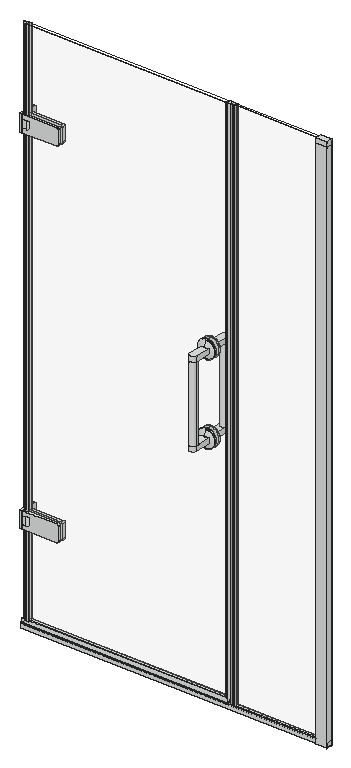
Revit family "Shower-Shower_Door-KOHLER-Components-K-27601", category Specialty Equipment, host Face, Revit 2017
Family settings
  Host = Face
  Round Connector Dimension = Use Diameter
  Part Type = Normal
  OmniClass Number = 23.31.17.17
  OmniClass Title = Shower Enclosures
  Cut with Voids When Loaded = No
  Shared = No
  Room Calculation Point = No
Parameters (values of type "SHP- Bright Polished Silver")
  Width [instance] = 40 3/8"
  WaterSense Certified = 1 = 0  # no
  URL = "https://www.us.kohler.com/us/"
  Type = 1
  Product Page URL = "http://www.us.kohler.com/us/catalog/productDetails.jsp?productId=27601-10L"
  Product Name = "Components"  # constant formula
  Product Documentation Link = "https://www.us.kohler.com/webassets/kpna/catalog/pdf/en/K-27601-10L_spec_US-CA_Kohler_en.pdf"
  Model = if(Type = 1, "K-27601-10L-SHP", if(Type = 2, "K-27601-10L-BNK", if(Type = 3, "K-27601-10L-BL", "NA")))  # "K-27601-10L-SHP"
  Material = "Anodized Aluminium"  # constant formula
  Master Format 2014 Name = "Shower Doors"  # constant formula
  Master Format 2014 = "10 28 19.16"  # constant formula
  Manufacturer Address = "444 Highland Dr, Kohler, WI 53044"  # constant formula
  Manufacturer = "KOHLER Co."  # constant formula
  Length = 6 1/8"  # constant formula
  Height = 71 9/16"  # constant formula
  Finish = Kohler-Metal-SHP-Bright_Polished_Silver
  Environmental Product Declaration = ""
  Description = "Frameless pivot shower door, 71-9/16Inch H x 39-5/8 - 40-3/8 Inch W, with 3/8 Inch thick Crystal Clear glass"  # constant formula
  Default Elevation = 0"
  Declare Label = ""
  Date Modified = "02/03/2021"  # constant formula
  Date Created = "02/03/2021"  # constant formula
  Copyright = "Copyright KOHLER Co."  # constant formula
  Contact Us = "https://www.us.kohler.com/us/static/contact.jsp"
  Assembly Code = "C1030200"
  ADA Compliant = 1 = 0  # no
Reference planes (in)
  plane 1 "Center (Front/Back)": y = 0
  plane 2: z = 0
  plane 3 "Center (Left/Right)": x = 0
  plane 4: y = 3.0625
  plane 5: y = -3.0625
  plane 6: z = 71.5625
  plane 7: z = 30.6875
  plane 8: z = 41.875
  plane 9: x = 13.15698
  plane 10: x = -0.31742
  plane 11: x = 13.15698
  plane 12: x = -27.21802
  plane 13: x = -2.73189
  plane 14: x = -26.94242
  plane 15: x = -26.23414
  plane 16: x = -22.15537
Dimensions and locks (in)
  "Height": level to plane 6
  plane 8 to plane 7 = 11 3/16"  (x2)
  plane 7 to level = 30 11/16"
  plane 8 to level = 41 7/8"
  locked: plane 10 to plane 11 at 13.4744
  "Width": plane 12 to plane 11
  plane 14 to plane 10 = 26 5/8"
  "Length": plane 4 to plane 5
  locked: plane 12 to plane 14 at 0.2756
  aligned and locked: plane 2 to host face
  aligned and locked: level to host face
  aligned and locked: plane 9 to nested 1
  aligned and locked: nested 1 to plane 12
  aligned and locked: plane 10 to nested 1
  aligned and locked: plane 14 to nested 1
Automatic sketch dimensions
  host sketch curve to host sketch curve = 96"  (x2)
Nested families (in)
  nested 1: "K-27601" at (0, 0, 0), type "K-27601"
Definition of nested family "K-27601"
  Parameters (values of type "K-27601")
    Material = none
    A = 40 3/8"
  Reference planes (in)
    plane 1 "Center (Front/Back)": y = 0
    plane 2: z = 0
    plane 3 "Center (Left/Right)": x = 0
    plane 4: y = 5.09727
    plane 5: x = -27.21802
    plane 6: z = 71.5625
    plane 7: z = 0.70775
    plane 8: y = -0.35321
    plane 9: y = 0.41651
    plane 10: z = 41.875
    plane 11: z = 30.6875
    plane 12: y = -0.39671
    plane 13: x = -26.94242
    plane 14: x = -22.15537
    plane 15: x = -26.23414
    plane 16: x = -26.27239
    plane 17: x = -22.15537
    plane 18: x = -26.23414
    plane 19: x = -26.27239
    plane 20: x = -26.77589
    plane 21: x = -26.72589
    plane 22: x = -2.73189
    plane 23: x = -0.31742
    plane 24: x = 22.78198
    plane 25: x = 0
    plane 26: x = 13.15698
    plane 27: y = 3.0625
    plane 28: y = -3.0625
  Forms (in)
    Extrusion 1, solid
      sketch origin (0, 0, 0) x (1, 0, 0) y (0, 1, 0)
        loop
          line (-26.72589, 0.19282) -> (-26.72589, -0.18603) -> (-0.14295, -0.18603) -> (-0.08266, -0.12574) -> (-0.08266, 0.13417) -> (-0.1413, 0.19282) -> (-26.72589, 0.19282)
        loop
          line (0.80612, 0.23734) -> (0.74441, 0.17564) -> (0.74441, -0.07695) -> (0.80612, -0.13866) -> (11.70233, -0.13866) -> (11.70233, 0.23734) -> (0.80612, 0.23734)
      from 0.60236 to 71.49717
    Extrusion 2, solid, material <- "Material", detail levels medium+fine
      sketch origin (0, 0, 0) x (1, 0, 0) y (0, 1, 0)
        loop
          line (-26.77589, 0.21646) -> (-26.77589, -0.25118)
          arc (-26.77589, -0.25118) -> (-26.76912, -0.26753) -> (-26.75277, -0.2743) r 0.02311
          line (-26.75277, -0.2743) -> (-26.23414, -0.2743) -> (-26.23414, -0.18603) -> (-26.27239, -0.18603) -> (-26.27239, -0.22748) -> (-26.69464, -0.22748)
          arc (-26.69464, -0.22748) -> (-26.71673, -0.21833) -> (-26.72589, -0.19623) r 0.03125
          line (-26.72589, -0.19623) -> (-26.72589, 0.19623)
          arc (-26.72589, 0.19623) -> (-26.71673, 0.21833) -> (-26.69464, 0.22748) r 0.03125
          line (-26.69464, 0.22748) -> (-26.27239, 0.22748) -> (-26.27239, 0.19282) -> (-26.23414, 0.19282) -> (-26.23414, 0.26447) -> (-27.21802, 0.26447) -> (-27.21802, 0.21646) -> (-26.77589, 0.21646)
      from 1.0794 to 71.49717
    Extrusion 3, solid, material <- "Material", detail levels medium+fine
      sketch origin (0, 0, 0) x (0, 1, 0) y (0, 0, 1)
        loop
          line (-0.5031, 60.86004) -> (-0.5031, 58.69468) -> (1.61028, 58.69468)
          arc (1.61028, 58.69468) -> (1.74839, 58.75189) -> (1.80559, 58.89) r 0.19531
          line (1.80559, 58.89) -> (1.80559, 60.66519)
          arc (1.80559, 60.66519) -> (1.74852, 60.80297) -> (1.61074, 60.86004) r 0.19485
          line (1.61074, 60.86004) -> (-0.5031, 60.86004)
      from -27.21802 to -26.94242
    Extrusion 4, solid, material <- "Material", detail levels medium+fine
      sketch origin (0, 0, 0) x (1, 0, 0) y (0, 0, 1)
        loop
          line (-22.35068, 60.84843) -> (-26.94242, 60.84843) -> (-26.94242, 60.26807) -> (-25.99909, 60.26807)
          arc (-25.99909, 60.26807) -> (-25.98408, 60.26185) -> (-25.97785, 60.24683) r 0.02124
          line (-25.97785, 60.24683) -> (-25.97785, 59.28625)
          arc (-25.97785, 59.28625) -> (-25.98433, 59.27061) -> (-25.99998, 59.26413) r 0.02212
          line (-25.99998, 59.26413) -> (-26.94242, 59.26413) -> (-26.94242, 58.68342) -> (-22.35068, 58.68342)
          arc (-22.35068, 58.68342) -> (-22.21257, 58.74063) -> (-22.15537, 58.87874) r 0.19531
          line (-22.15537, 58.87874) -> (-22.15537, 60.65312)
          arc (-22.15537, 60.65312) -> (-22.21257, 60.79122) -> (-22.35068, 60.84843) r 0.19531
      from -0.56334 to 0.46162
    Extrusion 5, solid, material <- "Material", detail levels medium+fine
      sketch origin (0, 0, 0) x (1, 0, 0) y (0, 1, 0)
        loop
          line (-26.94242, 0.32578) -> (-26.94242, -0.46162) -> (-26.37227, -0.46162)
          arc (-26.37227, -0.46162) -> (-25.97857, -0.06792) -> (-26.37227, 0.32578) r 0.3937
          line (-26.37227, 0.32578) -> (-26.94242, 0.32578)
      from 59.26413 to 60.26807
    Extrusion 6, solid, material <- "Material", detail levels medium+fine
      sketch origin (0, 0, -46.8179) x (0, 1, 0) y (0, 0, 1)
        loop
          line (-0.5031, 60.84499) -> (-0.5031, 58.67999) -> (1.61028, 58.67999)
          arc (1.61028, 58.67999) -> (1.74839, 58.73719) -> (1.80559, 58.8753) r 0.19531
          line (1.80559, 58.8753) -> (1.80559, 60.65015)
          arc (1.80559, 60.65015) -> (1.74852, 60.78792) -> (1.61074, 60.84499) r 0.19485
          line (1.61074, 60.84499) -> (-0.5031, 60.84499)
      from -27.21802 to -26.94242
    Extrusion 7, solid, material <- "Material", detail levels medium+fine
      sketch origin (0, 0, 0) x (0, 1, 0) y (0, 0, 1)
        loop
          line (0.29381, 0.60236) -> (-0.29441, 0.60236)
          arc (-0.29441, 0.60236) -> (-0.30829, 0.59661) -> (-0.31403, 0.58273) r 0.01963
          line (-0.31403, 0.58273) -> (-0.31403, 0) -> (-0.26679, 0) -> (-0.26679, 0.05855)
          arc (-0.26679, 0.05855) -> (-0.26088, 0.07283) -> (-0.2466, 0.07874) r 0.02019
          line (-0.2466, 0.07874) -> (0.24763, 0.07874)
          arc (0.24763, 0.07874) -> (0.26249, 0.07258) -> (0.26864, 0.05772) r 0.02102
          line (0.26864, 0.05772) -> (0.26864, 0) -> (0.31589, 0) -> (0.31589, 0.58029)
          arc (0.31589, 0.58029) -> (0.30942, 0.5959) -> (0.29381, 0.60236) r 0.02207
      from -27.21802 to 13.15698
    Extrusion 8, solid, material <- "Material", detail levels medium+fine
      sketch origin (0, 0, 0) x (0, 1, 0) y (0, 0, 1)
        loop
          line (0.25467, 1.05624) -> (0.2466, 1.1751)
          arc (0.2466, 1.1751) -> (0.23963, 1.18976) -> (0.22452, 1.19572) r 0.02212
          line (0.22452, 1.19572) -> (-0.20277, 1.19572)
          arc (-0.20277, 1.19572) -> (-0.21774, 1.18981) -> (-0.22465, 1.17527) r 0.02194
          line (-0.22465, 1.17527) -> (-0.25676, 0.70264) -> (-0.29012, 0.70615)
          arc (-0.29012, 0.70615) -> (-0.30687, 0.70071) -> (-0.31403, 0.68462) r 0.02165
          line (-0.31403, 0.68462) -> (-0.31403, 0.62353)
          arc (-0.31403, 0.62353) -> (-0.30783, 0.60856) -> (-0.29287, 0.60236) r 0.02117
          line (-0.29287, 0.60236) -> (0.23734, 0.60236) -> (0.23734, 1.0178) -> (0.68158, 0.86671)
          arc (0.68158, 0.86671) -> (0.70152, 0.87639) -> (0.69206, 0.89643) r 0.01576
          line (0.69206, 0.89643) -> (0.25467, 1.05624)
      from -27.21802 to 0.20989
    Extrusion 9, void
      sketch origin (0, 0, 0) x (1, 0, 0) y (0, 0, 1)
        loop
          line (-26.72589, 1.19572) -> (-26.72589, 0.32822) -> (0.35749, 0.32822) -> (0.35749, 1.19572) -> (-26.72589, 1.19572)
      from -2.40664 to 15.24149
    Extrusion 10, solid, material <- "Material", detail levels medium+fine
      sketch origin (0, 0, -46.82134) x (1, 0, 0) y (0, 0, 1)
        loop
          line (-22.35068, 60.84843) -> (-26.94242, 60.84843) -> (-26.94242, 60.26807) -> (-25.99909, 60.26807)
          arc (-25.99909, 60.26807) -> (-25.98408, 60.26185) -> (-25.97785, 60.24683) r 0.02124
          line (-25.97785, 60.24683) -> (-25.97785, 59.28625)
          arc (-25.97785, 59.28625) -> (-25.98433, 59.27061) -> (-25.99998, 59.26413) r 0.02212
          line (-25.99998, 59.26413) -> (-26.94242, 59.26413) -> (-26.94242, 58.68342) -> (-22.35068, 58.68342)
          arc (-22.35068, 58.68342) -> (-22.21257, 58.74063) -> (-22.15537, 58.87874) r 0.19531
          line (-22.15537, 58.87874) -> (-22.15537, 60.65312)
          arc (-22.15537, 60.65312) -> (-22.21257, 60.79122) -> (-22.35068, 60.84843) r 0.19531
      from -0.56334 to 0.46162
    Extrusion 11, void
      sketch origin (0, 0, 0) x (1, 0, 0) y (0, 0, 1)
        loop
          line (-27.21802, 58.69468) -> (-25.51286, 58.69468) -> (-25.51286, 60.85969) -> (-27.21802, 60.85969) -> (-27.21802, 58.69468)
        loop
          line (-27.21802, 11.86209) -> (-25.51286, 11.86209) -> (-25.51286, 14.02709) -> (-27.21802, 14.02709) -> (-27.21802, 11.86209)
      from 1 to -2
    Extrusion 12, solid, material <- "Material", detail levels medium+fine
      sketch origin (0, 0, 0) x (1, 0, 0) y (0, 1, 0)
        loop
          line (-26.94242, 0.32578) -> (-26.94242, -0.46162) -> (-26.42324, -0.46162)
          arc (-26.42324, -0.46162) -> (-26.02954, -0.06792) -> (-26.42324, 0.32578) r 0.3937
          line (-26.42324, 0.32578) -> (-26.94242, 0.32578)
      from 12.4428 to 13.44673
    Extrusion 13, void
      sketch origin (0, 0, 0) x (1, 0, 0) y (0, 1, 0)
        loop
          line (-26.72589, 0.19282) -> (-26.72589, -0.18603) -> (-22.06528, -0.18603) -> (-22.06528, 0.19282) -> (-26.72589, 0.19282)
      from 5.2978 to 78.02694
    Extrusion 14, solid, material <- "Material", detail levels coarse
      sketch origin (0, 0, 0) x (1, 0, 0) y (0, 0, 1)
        loop
          line (-27.21802, 60.86004) -> (-27.21802, 58.69468) -> (-22.15537, 58.69468) -> (-22.15537, 60.86004) -> (-27.21802, 60.86004)
        loop
          line (-27.21802, 14.02709) -> (-27.21802, 11.86209) -> (-22.15537, 11.86209) -> (-22.15537, 14.02709) -> (-27.21802, 14.02709)
      from -1.28247 to 0.46162
    Extrusion 15, solid, material <- "Material", detail levels coarse
      sketch origin (0, 0, 0) x (1, 0, 0) y (0, 0, 1)
        loop
          line (-27.21802, 1.0024) -> (-27.21802, 0) -> (13.15698, 0) -> (13.15698, 1.0024) -> (-27.21802, 1.0024)
      from -0.46253 to 0.39671
    Extrusion 16, solid, material <- "Material", detail levels medium+fine
      sketch origin (-0.57921, 0, 0) x (1, 0, 0) y (0, 1, 0)
        loop
          line (1.01843, -0.11955) -> (0.68498, 0.2139)
          arc (0.68498, 0.2139) -> (0.61306, 0.25903) -> (0.52868, 0.26837) r 0.19025
          line (0.52868, 0.26837) -> (0.31485, 0.24374)
          arc (0.31485, 0.24374) -> (0.28024, 0.2278) -> (0.26179, 0.19447) r 0.06114
          line (0.26179, 0.19447) -> (0.34398, 0.19447)
          arc (0.34398, 0.19447) -> (0.3627, 0.20652) -> (0.38423, 0.21217) r 0.07088
          arc (0.38423, 0.21217) -> (0.42745, 0.21598) -> (0.47075, 0.21882) r 1.93907
          arc (0.47075, 0.21882) -> (0.48891, 0.21215) -> (0.49656, 0.19438) r 0.02447
          line (0.49656, 0.19438) -> (0.49656, -0.17201)
          arc (0.49656, -0.17201) -> (0.48965, -0.18866) -> (0.473, -0.19555) r 0.02354
          arc (0.473, -0.19555) -> (0.40583, -0.19314) -> (0.339, -0.18603) r 0.95941
          line (0.339, -0.18603) -> (0.26224, -0.18603)
          arc (0.26224, -0.18603) -> (0.28019, -0.2097) -> (0.30764, -0.22105) r 0.0567
          arc (0.30764, -0.22105) -> (0.43698, -0.23575) -> (0.56668, -0.24691) r 4.75588
          arc (0.56668, -0.24691) -> (0.777, -0.24877) -> (0.98586, -0.22404) r 1.66165
          arc (0.98586, -0.22404) -> (1.03373, -0.18164) -> (1.01843, -0.11955) r 0.06181
        loop
          line (0.80484, 0.1381) -> (1.14519, -0.20226)
          arc (1.14519, -0.20226) -> (1.19638, -0.23545) -> (1.25667, -0.24486) r 0.14621
          arc (1.25667, -0.24486) -> (1.38191, -0.23596) -> (1.50682, -0.22319) r 4.04578
          arc (1.50682, -0.22319) -> (1.55228, -0.1931) -> (1.55508, -0.13866) r 0.06051
          line (1.55508, -0.13866) -> (1.4762, -0.13866) -> (1.4762, -0.1737)
          arc (1.4762, -0.1737) -> (1.41113, -0.18268) -> (1.34544, -0.18238) r 0.46473
          arc (1.34544, -0.18238) -> (1.32971, -0.1748) -> (1.32333, -0.15855) r 0.0239
          line (1.32333, -0.15855) -> (1.32333, 0.19465)
          arc (1.32333, 0.19465) -> (1.33583, 0.22484) -> (1.36602, 0.23734) r 0.04269
          line (1.36602, 0.23734) -> (1.54932, 0.23734)
          arc (1.54932, 0.23734) -> (1.4362, 0.25438) -> (1.322, 0.26124) r 1.27776
          arc (1.322, 0.26124) -> (1.0819, 0.2583) -> (0.84232, 0.24223) r 4.38502
          arc (0.84232, 0.24223) -> (0.79054, 0.20205) -> (0.80484, 0.1381) r 0.06116
      from 0.55906 to 71.49717
    Extrusion 17, solid, material <- "Material", detail levels coarse
      sketch origin (-4.01179, 0, 0) x (1, 0, 0) y (0, 1, 0)
        loop
          line (5.05229, 0.27406) -> (3.69437, 0.27406) -> (3.69437, 0.19447) -> (3.86913, 0.19447) -> (3.92913, 0.13447) -> (3.92913, -0.12603) -> (3.86913, -0.18603) -> (3.69437, -0.18603) -> (3.69437, -0.25676) -> (5.05229, -0.25676) -> (5.05229, -0.13866) -> (4.81791, -0.13866) -> (4.75591, -0.07666) -> (4.75591, 0.17534) -> (4.81791, 0.23734) -> (5.05229, 0.23734) -> (5.05229, 0.27406)
        loop
          line (17.16877, -0.39671) -> (17.16877, 0.46253) -> (15.71436, 0.46253) -> (15.71436, -0.39671) -> (17.16877, -0.39671)
        loop
          line (-23.20623, 0.30738) -> (-23.20623, -0.31655) -> (-22.22235, -0.31655) -> (-22.22235, -0.18603) -> (-22.7141, -0.18603) -> (-22.7141, 0.19282) -> (-22.22235, 0.19282) -> (-22.22235, 0.30738) -> (-23.20623, 0.30738)
      from 0 to 71.49717
    Extrusion 18, solid, material <- "Material", detail levels medium+fine
      sketch origin (-19.40545, 0, 0) x (1, 0, 0) y (0, 1, 0)
        loop
          line (31.13121, -0.39671) -> (32.53899, -0.39671)
          arc (32.53899, -0.39671) -> (32.55556, -0.38985) -> (32.56243, -0.37327) r 0.02344
          line (32.56243, -0.37327) -> (32.56243, 0.39307)
          arc (32.56243, 0.39307) -> (32.55556, 0.40964) -> (32.53899, 0.41651) r 0.02344
          line (32.53899, 0.41651) -> (31.13221, 0.41651)
          arc (31.13221, 0.41651) -> (31.11493, 0.40935) -> (31.10778, 0.39207) r 0.02444
          line (31.10778, 0.39207) -> (31.10778, -0.13866) -> (30.9775, -0.13866) -> (31.05671, -0.23873)
          arc (31.05671, -0.23873) -> (31.0805, -0.25299) -> (31.10778, -0.24799) r 0.03927
          line (31.10778, -0.24799) -> (31.10778, -0.37327)
          arc (31.10778, -0.37327) -> (31.11464, -0.38985) -> (31.13121, -0.39671) r 0.02344
      from 0 to 70.9789
    Extrusion 19, solid, material <- "Material", detail levels medium+fine
      sketch origin (-19.40545, 0, 0) x (1, 0, 0) y (0, 1, 0)
        loop
          line (32.53899, 0.41651) -> (31.13221, 0.41651)
          arc (31.13221, 0.41651) -> (31.11493, 0.40935) -> (31.10778, 0.39207) r 0.02444
          line (31.10778, 0.39207) -> (31.10778, -0.37327)
          arc (31.10778, -0.37327) -> (31.11464, -0.38985) -> (31.13121, -0.39671) r 0.02344
          line (31.13121, -0.39671) -> (32.53899, -0.39671)
          arc (32.53899, -0.39671) -> (32.55556, -0.38985) -> (32.56243, -0.37327) r 0.02344
          line (32.56243, -0.37327) -> (32.56243, 0.39307)
          arc (32.56243, 0.39307) -> (32.55556, 0.40964) -> (32.53899, 0.41651) r 0.02344
      from 70.9789 to 71.57874
    Extrusion 20, solid, material <- "Material"
      sketch origin (-7.03101, 0, 0) x (1, 0, 0) y (0, 1, 0)
        loop
          line (3.83061, -0.30083) -> (3.83061, -2.59488)
          arc (3.83061, -2.59488) -> (4.29912, -3.06338) -> (4.76762, -2.59488) r 0.4685
          line (4.76762, -2.59488) -> (4.76762, -0.30083) -> (3.83061, -0.30083)
      from 41.23395 to 41.875
    Extrusion 21, solid, material <- "Material"
      sketch origin (-7.03101, 0, 0) x (1, 0, 0) y (0, 1, 0)
        loop
          circle (4.29912, -2.59488) r 0.4685
      from 31.32855 to 41.23395
    Extrusion 22, solid, material <- "Material"
      sketch origin (-7.03101, 0, -10.54645) x (1, 0, 0) y (0, 1, 0)
        loop
          line (3.83061, -0.31874) -> (3.83061, -2.59488)
          arc (3.83061, -2.59488) -> (4.29912, -3.06338) -> (4.76762, -2.59488) r 0.4685
          line (4.76762, -2.59488) -> (4.76762, -0.31874) -> (3.83061, -0.31874)
      from 41.23395 to 41.875
    Revolve 23, solid, material <- "Material"
      sketch origin (-2.73189, -2.0625, 47.65181) x (0, -1, 0) y (0, 0, 1)
        loop
          line (-1.40048, -6.09749) -> (-1.83817, -6.09749) -> (-1.83817, -7.27859) -> (-1.67926, -7.27859)
          arc (-1.67926, -7.27859) -> (-1.661, -7.27228) -> (-1.65054, -7.25605) r 0.02956
          line (-1.65054, -7.25605) -> (-1.43676, -6.38162)
          arc (-1.43676, -6.38162) -> (-1.4106, -6.24058) -> (-1.40048, -6.09749) r 1.27232
        axis (-1.83817, -6.09749) -> (-1.40048, -6.09749)
      angle from 0 to 360
    Revolve 24, solid, material <- "Material"
      sketch origin (-2.73189, -2.0625, 37.10536) x (0, -1, 0) y (0, 0, 1)
        loop
          line (-1.40048, -6.09749) -> (-1.83817, -6.09749) -> (-1.83817, -7.27859) -> (-1.67926, -7.27859)
          arc (-1.67926, -7.27859) -> (-1.661, -7.27228) -> (-1.65054, -7.25605) r 0.02956
          line (-1.65054, -7.25605) -> (-1.43676, -6.38162)
          arc (-1.43676, -6.38162) -> (-1.4106, -6.24058) -> (-1.40048, -6.09749) r 1.27232
        axis (-1.83817, -6.09749) -> (-1.40048, -6.09749)
      angle from 0 to 360
    Extrusion 25, solid, material <- "Material"
      sketch origin (-7.03101, 0, 0) x (1, 0, 0) y (0, 1, 0)
        loop
          line (3.83061, 0.30083) -> (4.76762, 0.30083) -> (4.76762, 2.59488)
          arc (4.76762, 2.59488) -> (4.29912, 3.06338) -> (3.83061, 2.59488) r 0.4685
          line (3.83061, 2.59488) -> (3.83061, 0.30083)
      from 41.23395 to 41.875
    Extrusion 26, solid, material <- "Material"
      sketch origin (-7.03101, 0, 0) x (1, 0, 0) y (0, 1, 0)
        loop
          circle (4.29912, 2.59488) r 0.4685
      from 31.32855 to 41.23395
    Extrusion 27, solid, material <- "Material"
      sketch origin (-7.03101, 0, -10.54645) x (1, 0, 0) y (0, 1, 0)
        loop
          line (3.83061, 0.31874) -> (4.76762, 0.31874) -> (4.76762, 2.59488)
          arc (4.76762, 2.59488) -> (4.29912, 3.06338) -> (3.83061, 2.59488) r 0.4685
          line (3.83061, 2.59488) -> (3.83061, 0.31874)
      from 41.23395 to 41.875
    Revolve 28, solid, material <- "Material"
      sketch origin (-2.73189, 2.0625, 47.65181) x (0, 1, 0) y (0, 0, -1)
        loop
          arc (-1.40048, 6.09749) -> (-1.4106, 6.24058) -> (-1.43676, 6.38162) r 1.27232
          line (-1.43676, 6.38162) -> (-1.65054, 7.25605)
          arc (-1.65054, 7.25605) -> (-1.661, 7.27228) -> (-1.67926, 7.27859) r 0.02956
          line (-1.67926, 7.27859) -> (-1.83817, 7.27859) -> (-1.83817, 6.09749) -> (-1.40048, 6.09749)
        axis (-1.83817, 6.09749) -> (-1.40048, 6.09749)
      angle from 0 to 360
    Revolve 29, solid, material <- "Material"
      sketch origin (-2.73189, 2.0625, 37.10536) x (0, 1, 0) y (0, 0, -1)
        loop
          arc (-1.40048, 6.09749) -> (-1.4106, 6.24058) -> (-1.43676, 6.38162) r 1.27232
          line (-1.43676, 6.38162) -> (-1.65054, 7.25605)
          arc (-1.65054, 7.25605) -> (-1.661, 7.27228) -> (-1.67926, 7.27859) r 0.02956
          line (-1.67926, 7.27859) -> (-1.83817, 7.27859) -> (-1.83817, 6.09749) -> (-1.40048, 6.09749)
        axis (-1.83817, 6.09749) -> (-1.40048, 6.09749)
      angle from 0 to 360
  Cuts and joins
    Extrusion 9 cuts Extrusion 1
    Extrusion 13 cuts Extrusion 4
    joined: Extrusion 3, Extrusion 4, Extrusion 6, Extrusion 8
    Extrusion 11 cuts Extrusion 2
    joined: Extrusion 2, Extrusion 5, Extrusion 7
    Extrusion 13 cuts Extrusion 14
    joined: Extrusion 14, Extrusion 15
    Extrusion 13 cuts Extrusion 10
    Extrusion 13 cuts Extrusion 12
  Lines and regions (in)
    Masking region 1
      outline origin (0, 0, 0) x (1, 0, 0) y (0, 1, 0)
        loop
          line (-27.21802, 1.80559) -> (-27.21802, -0.5031) -> (-26.94242, -0.5031) -> (-26.94242, -0.46162) -> (-22.15537, -0.46162) -> (-22.15537, -0.31403) -> (-3.91404, -0.31403) -> (-3.91404, -0.38184)
          arc (-3.91404, -0.38184) -> (-3.90647, -0.40382) -> (-3.88697, -0.41648) r 0.0357
          line (-3.88697, -0.41648) -> (-3.2004, -0.58766) -> (-3.2004, -2.59488)
          arc (-3.2004, -2.59488) -> (-2.73189, -3.06338) -> (-2.26339, -2.59488) r 0.4685
          line (-2.26339, -2.59488) -> (-2.26339, -0.58766) -> (-1.57682, -0.41648)
          arc (-1.57682, -0.41648) -> (-1.55732, -0.40382) -> (-1.54975, -0.38184) r 0.0357
          line (-1.54975, -0.38184) -> (-1.54975, -0.31403) -> (11.70233, -0.31403) -> (11.70233, -0.37165)
          arc (11.70233, -0.37165) -> (11.70967, -0.38937) -> (11.72739, -0.39671) r 0.02506
          line (11.72739, -0.39671) -> (13.13354, -0.39671)
          arc (13.13354, -0.39671) -> (13.15012, -0.38985) -> (13.15698, -0.37327) r 0.02344
          line (13.15698, -0.37327) -> (13.15698, 0.39307)
          arc (13.15698, 0.39307) -> (13.15012, 0.40964) -> (13.13354, 0.41651) r 0.02344
          line (13.13354, 0.41651) -> (11.72705, 0.41651)
          arc (11.72705, 0.41651) -> (11.70957, 0.40927) -> (11.70233, 0.39179) r 0.02472
          line (11.70233, 0.39179) -> (11.70233, 0.31589) -> (0.20989, 0.31589) -> (0.20989, 0.70242) -> (-2.26339, 0.70242) -> (-2.26339, 2.59488)
          arc (-2.26339, 2.59488) -> (-2.73189, 3.06338) -> (-3.2004, 2.59488) r 0.4685
          line (-3.2004, 2.59488) -> (-3.2004, 0.70242) -> (-26.94242, 0.70242) -> (-26.94242, 1.80559) -> (-27.21802, 1.80559)
    Masking region 2
      outline origin (0, 0, 0) x (1, 0, 0) y (0, 0, 1)
        loop
          line (13.13328, 71.5625) -> (11.70233, 71.5625) -> (11.70233, 71.50843) -> (-27.21802, 71.50843) -> (-27.21802, 0) -> (13.15698, 0) -> (13.15698, 71.5388)
          arc (13.15698, 71.5388) -> (13.15004, 71.55556) -> (13.13328, 71.5625) r 0.0237
    Masking region 3
      outline origin (0, 0, 0) x (0, 1, 0) y (0, 0, 1)
        loop
          line (0.67092, 41.875) -> (0.67092, 58.69125) -> (1.61028, 58.69125)
          arc (1.61028, 58.69125) -> (1.74839, 58.74845) -> (1.80559, 58.88656) r 0.19531
          line (1.80559, 58.88656) -> (1.80559, 60.66519)
          arc (1.80559, 60.66519) -> (1.74852, 60.80297) -> (1.61074, 60.86004) r 0.19485
          line (1.61074, 60.86004) -> (0.67092, 60.86004) -> (0.67092, 71.5625) -> (-0.39671, 71.5625) -> (-0.39671, 60.86004) -> (-0.5031, 60.86004) -> (-0.5031, 58.69125) -> (-0.46162, 58.69468) -> (-0.39671, 58.69468) -> (-0.39671, 42.76095) -> (-0.6176, 41.875) -> (-3.03125, 41.875)
          arc (-3.03125, 41.875) -> (-3.05335, 41.86585) -> (-3.0625, 41.84375) r 0.03125
          line (-3.0625, 41.84375) -> (-3.0625, 30.71875)
          arc (-3.0625, 30.71875) -> (-3.05335, 30.69665) -> (-3.03125, 30.6875) r 0.03125
          line (-3.03125, 30.6875) -> (-0.6176, 30.6875) -> (-0.39671, 29.80155) -> (-0.39671, 14.03053) -> (-0.46162, 14.03053) -> (-0.5031, 14.03053) -> (-0.5031, 11.86209) -> (-0.46162, 11.86552) -> (-0.39671, 11.86552) -> (-0.39671, 0) -> (0.41651, 0) -> (0.41651, 0.95686) -> (0.68158, 0.86671)
          arc (0.68158, 0.86671) -> (0.70152, 0.87639) -> (0.69206, 0.89643) r 0.01576
          line (0.69206, 0.89643) -> (0.41651, 0.99711) -> (0.41651, 1.0794) -> (0.67092, 1.0794) -> (0.67092, 11.86209) -> (1.61028, 11.86209)
          arc (1.61028, 11.86209) -> (1.74839, 11.91929) -> (1.80559, 12.0574) r 0.19531
          line (1.80559, 12.0574) -> (1.80559, 13.83603)
          arc (1.80559, 13.83603) -> (1.74852, 13.97381) -> (1.61074, 14.03088) r 0.19485
          line (1.61074, 14.03088) -> (0.67092, 14.03088) -> (0.67092, 30.6875) -> (3.03125, 30.6875)
          arc (3.03125, 30.6875) -> (3.05335, 30.69665) -> (3.0625, 30.71875) r 0.03125
          line (3.0625, 30.71875) -> (3.0625, 41.84375)
          arc (3.0625, 41.84375) -> (3.05335, 41.86585) -> (3.03125, 41.875) r 0.03125
          line (3.03125, 41.875) -> (0.67092, 41.875)
        loop
          line (0.67092, 31.32855) -> (2.0625, 31.32855) -> (2.0625, 41.23395) -> (0.67092, 41.23395) -> (0.67092, 35.41588) -> (0.67092, 31.32855)
        loop
          line (-0.39671, 40.348) -> (-0.6176, 41.23395) -> (-2.0625, 41.23395) -> (-2.0625, 31.32855) -> (-0.6176, 31.32855) -> (-0.39671, 32.2145) -> (-0.39671, 35.71866) -> (-0.39671, 40.348)
    symbolic lines, detail levels medium+fine
      curve 1: line (-0.14072, 0.19282, 0) -> (-26.72589, 0.19282, 0)
      curve 2: line (-26.72589, -0.18603, 0) -> (-0.14236, -0.18603, 0)
      curve 3: line (-22.15537, 0.56334, 0) -> (-26.94242, 0.56334, 0)
      curve 4: line (-22.15537, 0.56334, 0) -> (-22.15537, 0.25467, 0)
      curve 5: line (-22.15537, 0.25467, 0) -> (-22.15537, 0.19282, 0)
      curve 6: line (-22.15537, 0.25467, 0) -> (-3.91404, 0.25467, 0)
      curve 7: line (-22.15537, -0.46162, 0) -> (-22.15537, -0.18603, 0)
      curve 8: line (-22.15537, -0.25676, 0) -> (-3.91404, -0.25676, 0)
      curve 9: line (-0.08236, 0.13447, 0) -> (-26.72589, 0.13447, 0)
      curve 10: line (-26.72589, -0.12603, 0) -> (-0.08236, -0.12603, 0)
      curve 11: line (0.80641, -0.13866, 0) -> (11.70233, -0.13866, 0)
      curve 12: line (11.70233, 0.23734, 0) -> (0.80641, 0.23734, 0)
      curve 13: line (0.74441, 0.17534, 0) -> (11.70233, 0.17534, 0)
      curve 14: line (0.74441, -0.07666, 0) -> (11.70233, -0.07666, 0)
      curve 15: line (11.70233, -0.33053, 0) -> (11.70233, 0.31589, 0)
      curve 16: line (-26.23414, 0, 0.86671) -> (0.26355, 0, 0.86671)
      curve 17: line (-27.21802, 0, 0.60236) -> (11.70233, 0, 0.60236)
      curve 18: line (-27.21802, 0, 0.70775) -> (0.26355, 0, 0.70775)
      curve 19: line (11.67663, 0, 0.70775) -> (0.98148, 0, 0.70775)
      curve 20: line (-26.23414, 0, 1.19572) -> (0.26355, 0, 1.19572)
      curve 21: line (0, -0.39671, 14.03053) -> (0, -0.39671, 11.86552)
      curve 22: line (0, -0.46162, 11.86552) -> (0, -0.46162, 14.03053)
      curve 23: line (0, 0.41651, 14.03088) -> (0, 1.20341, 14.03088)
      curve 24: line (0, 0.67092, 11.86209) -> (0, 0.41651, 11.86209)
      curve 25: line (0, 0.56334, 14.03088) -> (0, 0.56334, 11.86209)
      curve 26: line (0, 0.41651, 1.0794) -> (0, 0.41651, 71.5625)
      curve 27: line (0, -0.39671, 60.87919) -> (0, -0.39671, 58.69125)
      curve 28: line (0, -0.46162, 58.69468) -> (0, -0.46162, 60.86004)
      curve 29: line (0, 0.41651, 60.86004) -> (0, 1.20341, 60.86004)
      curve 30: line (0, 0.67093, 58.69125) -> (0, 0.41651, 58.69125)
      curve 31: line (0, 0.56334, 60.86004) -> (0, 0.56334, 58.69125)
      curve 32: line (0, -0.13285, 66.90784) -> (0, 0.09125, 66.90784)
      curve 33: line (0, 0.09125, 66.63142) -> (0, -0.13285, 66.63142)
      curve 34: arc (0, 0.09125, 66.90784) -> (0, 0.22946, 66.76963) -> (0, 0.09125, 66.63142) r 0.13821
      curve 35: arc (0, -0.13285, 66.63142) -> (0, -0.27106, 66.76963) -> (0, -0.13285, 66.90784) r 0.13821
      curve 36: line (0, 0.63117, 71.5625) -> (0, 0.63117, 60.86004)
      curve 37: line (0, 0.63117, 58.69125) -> (0, 0.63117, 41.875)
      curve 38: line (0, 0.63117, 11.86209) -> (0, 0.63117, 1.08034)
      curve 39: line (0, -0.39671, 32.91588) -> (0, -0.39671, 28.91588)
      curve 40: line (0, -0.16426, 7.00236) -> (0, 0.19263, 7.00236)
      curve 41: line (0, 0.19263, 6.75236) -> (0, -0.16426, 6.75236)
      curve 42: arc (0, -0.16426, 6.75236) -> (0, -0.28926, 6.87736) -> (0, -0.16426, 7.00236) r 0.125
      curve 43: arc (0, 0.19263, 7.00236) -> (0, 0.31763, 6.87736) -> (0, 0.19263, 6.75236) r 0.125
      curve 44: line (0, -0.16426, 36.68045) -> (0, 0.19263, 36.68045)
      curve 45: line (0, 0.19263, 36.43045) -> (0, -0.16426, 36.43045)
      curve 46: arc (0, -0.16426, 36.43045) -> (0, -0.28926, 36.55545) -> (0, -0.16426, 36.68045) r 0.125
      curve 47: arc (0, 0.19263, 36.68045) -> (0, 0.31763, 36.55545) -> (0, 0.19263, 36.43045) r 0.125
      curve 48: line (0, -0.35321, 0) -> (0, -0.35321, 71.5625)
      curve 49: line (0, 0.37695, 0) -> (0, 0.37695, 71.5625)
      curve 50: line (0, 0.41651, 1.1378) -> (0, 0.41651, 0.83697)
      curve 51: line (-26.23414, 0, 71.38354) -> (-0.31697, 0, 71.38354)
      curve 52: line (0.98148, 0, 71.38354) -> (11.70233, 0, 71.38354)
      curve 53: line (0, 0.63117, 30.6875) -> (0, 0.63117, 14.03088)
      curve 54: line (0, 0.67092, 30.6875) -> (0, 0.41651, 30.6875)
      curve 55: line (0, 0.67092, 41.875) -> (0, 0.67092, 41.99317)
      curve 56: line (0, 0.63117, 41.23395) -> (0, 0.63117, 31.32855)
      curve 57: line (0, 0.67092, 41.875) -> (0, 0.41651, 41.875)
      curve 58: line (-26.23414, 0.26447, 0) -> (-27.21802, 0.26447, 0)
      curve 59: line (-27.21802, 0.21646, 0) -> (-26.77589, 0.21646, 0)
      curve 60: line (-26.77589, 0.21646, 0) -> (-26.77589, -0.25118, 0)
      curve 61: arc (-26.77589, -0.25118, 0) -> (-26.76912, -0.26753, 0) -> (-26.75277, -0.2743, 0) r 0.02311
      curve 62: arc (-26.69464, -0.22748, 0) -> (-26.71673, -0.21833, 0) -> (-26.72589, -0.19623, 0) r 0.03125
      curve 63: line (-26.72589, -0.19623, 0) -> (-26.72589, 0.19623, 0)
      curve 64: arc (-26.72589, 0.19623, 0) -> (-26.71673, 0.21833, 0) -> (-26.69464, 0.22748, 0) r 0.03125
      curve 65: line (-26.69464, 0.22748, 0) -> (-26.27239, 0.22748, 0)
      curve 66: line (-26.27239, 0.22748, 0) -> (-26.27239, 0.19282, 0)
      curve 67: line (-26.27239, -0.22748, 0) -> (-26.69464, -0.22748, 0)
      curve 68: line (-26.27239, -0.18603, 0) -> (-26.27239, -0.22748, 0)
      curve 69: line (-26.23414, -0.2743, 0) -> (-26.23414, -0.18603, 0)
      curve 70: line (-26.75277, -0.2743, 0) -> (-26.23414, -0.2743, 0)
      curve 71: line (-26.23414, 0.19282, 0) -> (-26.23414, 0.26447, 0)
      curve 72: line (-27.21802, 0, 60.86004) -> (-22.35078, 0, 60.86004)
      curve 73: line (-22.15537, 0, 60.66462) -> (-22.15537, 0, 58.89184)
      curve 74: arc (-22.35078, 0, 60.86004) -> (-22.2126, 0, 60.8028) -> (-22.15537, 0, 60.66462) r 0.19541
      curve 75: line (-27.21802, 0, 58.69468) -> (-22.35252, 0, 58.69468)
      curve 76: arc (-22.15537, 0, 58.89184) -> (-22.21311, 0, 58.75243) -> (-22.35252, 0, 58.69468) r 0.19715
      curve 77: line (-26.94242, 0, 60.86004) -> (-26.94242, 0, 58.69468)
      curve 78: line (-25.97785, 0, 60.25248) -> (-25.97785, 0, 59.29505)
      curve 79: line (-25.99752, 0, 59.27539) -> (-26.94242, 0, 59.27539)
      curve 80: line (-26.0047, 0, 60.27933) -> (-26.94242, 0, 60.27933)
      curve 81: arc (-25.97785, 0, 60.25248) -> (-25.98572, 0, 60.27147) -> (-26.0047, 0, 60.27933) r 0.02685
      curve 82: arc (-25.97785, 0, 59.29505) -> (-25.98361, 0, 59.28115) -> (-25.99752, 0, 59.27539) r 0.01966
      curve 83: line (-27.21802, 0, 14.02709) -> (-22.35078, 0, 14.02709)
      curve 84: line (-22.15537, 0, 13.83168) -> (-22.15537, 0, 12.05889)
      curve 85: arc (-22.35078, 0, 14.02709) -> (-22.2126, 0, 13.96986) -> (-22.15537, 0, 13.83168) r 0.19541
      curve 86: line (-27.21802, 0, 11.86174) -> (-22.35252, 0, 11.86174)
      curve 87: arc (-22.15537, 0, 12.05889) -> (-22.21311, 0, 11.91948) -> (-22.35252, 0, 11.86174) r 0.19715
      curve 88: line (-26.94242, 0, 14.02709) -> (-26.94242, 0, 11.86174)
      curve 89: line (-25.97785, 0, 13.41954) -> (-25.97785, 0, 12.46211)
      curve 90: line (-25.99752, 0, 12.44245) -> (-26.94242, 0, 12.44245)
      curve 91: line (-26.0047, 0, 13.44639) -> (-26.94242, 0, 13.44639)
      curve 92: arc (-25.97785, 0, 13.41954) -> (-25.98572, 0, 13.43852) -> (-26.0047, 0, 13.44639) r 0.02685
      curve 93: arc (-25.97785, 0, 12.46211) -> (-25.98361, 0, 12.44821) -> (-25.99752, 0, 12.44245) r 0.01966
      curve 94: line (-26.77589, 0, 71.50843) -> (-26.77589, 0, 60.86004)
      curve 95: line (-26.77589, 0, 58.69468) -> (-26.77589, 0, 14.02709)
      curve 96: line (-26.77589, 0, 11.86174) -> (-26.77589, 0, 0.70775)
      curve 97: line (-26.23414, 0, 11.86174) -> (-26.23414, 0, 0.70775)
      curve 98: line (-26.23414, 0, 14.02709) -> (-26.23414, 0, 58.69468)
      curve 99: line (-26.23414, 0, 60.86004) -> (-26.23414, 0, 71.50843)
      curve 100: line (-26.94242, 0.70242, 0) -> (-26.94242, -0.5031, 0)
      curve 101: line (-0.31713, -0.31403, 0) -> (-0.31713, -0.18603, 0)
      curve 102: arc (-0.26407, 0.24374, 0) -> (-0.29929, 0.22723, 0) -> (-0.31742, 0.19282, 0) r 0.06114
      curve 103: line (-0.05024, 0.26837, 0) -> (-0.26407, 0.24374, 0)
      curve 104: arc (0.10606, 0.2139, 0) -> (0.03414, 0.25903, 0) -> (-0.05024, 0.26837, 0) r 0.19025
      curve 105: arc (-0.19469, 0.21217, 0) -> (-0.15146, 0.21598, 0) -> (-0.10817, 0.21882, 0) r 1.93907
      curve 106: arc (-0.10817, 0.21882, 0) -> (-0.09001, 0.21215, 0) -> (-0.08236, 0.19438, 0) r 0.02447
      curve 107: line (-0.08236, 0.19438, 0) -> (-0.08236, -0.17201, 0)
      curve 108: line (-0.08236, 0.13447, 0) -> (-0.14072, 0.19282, 0)
      curve 109: arc (-0.23672, 0.19282, 0) -> (-0.21733, 0.20602, 0) -> (-0.19469, 0.21217, 0) r 0.07088
      curve 110: arc (-0.08236, -0.17201, 0) -> (-0.08927, -0.18866, 0) -> (-0.10592, -0.19555, 0) r 0.02354
      curve 111: arc (-0.10592, -0.19555, 0) -> (-0.17308, -0.19314, 0) -> (-0.23991, -0.18603, 0) r 0.95941
      curve 112: line (-0.14236, -0.18603, 0) -> (-0.08236, -0.12603, 0)
      curve 113: line (0.43951, -0.11955, 0) -> (0.10606, 0.2139, 0)
      curve 114: arc (0.40694, -0.22404, 0) -> (0.45481, -0.18164, 0) -> (0.43951, -0.11955, 0) r 0.06181
      curve 115: arc (-0.01223, -0.24691, 0) -> (0.19808, -0.24877, 0) -> (0.40694, -0.22404, 0) r 1.66165
      curve 116: arc (-0.27128, -0.22105, 0) -> (-0.14194, -0.23575, 0) -> (-0.01223, -0.24691, 0) r 4.75588
      curve 117: arc (-0.31668, -0.18603, 0) -> (-0.29873, -0.2097, 0) -> (-0.27128, -0.22105, 0) r 0.0567
      curve 118: line (0.09618, 0.17617, 0) -> (0.04897, 0.12895, 0)
      curve 119: line (0.09618, 0.17617, 0) -> (0.37706, -0.10471, 0)
      curve 120: line (0.37706, -0.10471, 0) -> (0.32985, -0.15193, 0)
      curve 121: line (0.32985, -0.15193, 0) -> (0.04897, 0.12895, 0)
      curve 122: line (0.32905, 0.17617, 0) -> (0.28184, 0.12895, 0)
      curve 123: line (0.32905, 0.17617, 0) -> (0.60993, -0.10471, 0)
      curve 124: line (0.60993, -0.10471, 0) -> (0.56271, -0.15193, 0)
      curve 125: line (0.56271, -0.15193, 0) -> (0.28184, 0.12895, 0)
      curve 126: line (0.22592, 0.1381, 0) -> (0.56627, -0.20226, 0)
      curve 127: arc (0.2634, 0.24223, 0) -> (0.21162, 0.20205, 0) -> (0.22592, 0.1381, 0) r 0.06116
      curve 128: arc (0.74309, 0.26124, 0) -> (0.50298, 0.2583, 0) -> (0.2634, 0.24223, 0) r 4.38502
      curve 129: arc (0.9704, 0.23734, 0) -> (0.85728, 0.25438, 0) -> (0.74309, 0.26124, 0) r 1.27776
      curve 130: arc (0.56627, -0.20226, 0) -> (0.61747, -0.23545, 0) -> (0.67775, -0.24486, 0) r 0.14621
      curve 131: arc (0.67775, -0.24486, 0) -> (0.80299, -0.23596, 0) -> (0.9279, -0.22319, 0) r 4.04578
      curve 132: arc (0.9279, -0.22319, 0) -> (0.97336, -0.1931, 0) -> (0.97616, -0.13866, 0) r 0.06051
      curve 133: line (0.89728, -0.13866, 0) -> (0.89728, -0.1737, 0)
      curve 134: arc (0.89728, -0.1737, 0) -> (0.83221, -0.18268, 0) -> (0.76652, -0.18238, 0) r 0.46473
      curve 135: arc (0.76652, -0.18238, 0) -> (0.75079, -0.1748, 0) -> (0.74441, -0.15855, 0) r 0.0239
      curve 136: line (0.74441, -0.15855, 0) -> (0.74441, 0.19465, 0)
      curve 137: arc (0.74441, 0.19465, 0) -> (0.75691, 0.22484, 0) -> (0.7871, 0.23734, 0) r 0.04269
      curve 138: line (0.7871, 0.23734, 0) -> (0.9704, 0.23734, 0)
      curve 139: line (0.80641, 0.23734, 0) -> (0.74441, 0.17534, 0)
      curve 140: line (0.74441, -0.07666, 0) -> (0.80641, -0.13866, 0)
      curve 141: line (-1.54975, -0.31403, 0) -> (-1.54975, -0.18603, 0)
      curve 142: line (-1.54975, 0.25467, 0) -> (-0.16917, 0.25467, 0)
      curve 143: line (-1.54975, -0.25676, 0) -> (-0.31713, -0.25676, 0)
      curve 144: line (0.45777, 0, 0.60236) -> (0.45777, 0, 71.50843)
      curve 145: line (0.98148, 0, 71.50843) -> (0.98148, 0, 0.60236)
      curve 146: line (-0.31697, 0, 0.60236) -> (-0.31697, 0, 71.50846)
      curve 147: line (0.4071, 0, 71.50843) -> (0.4071, 0, 0.60236)
      curve 148: line (0.26355, 0, 71.50843) -> (0.26355, 0, 0.60236)
      curve 149: line (13.15698, 0, 71.50843) -> (11.72676, 0, 71.50843)
      curve 150: line (11.70233, 0, 71.5625) -> (11.70233, 0, 0)
      curve 151: line (11.67663, 0, 0.60236) -> (11.67663, 0, 71.38354)
      curve 152: line (11.72676, 0, 71.5625) -> (11.72676, 0, 0)
      curve 153: line (-2.26339, 0.58766, 0) -> (-1.57682, 0.41648, 0)
      curve 154: arc (-1.57682, 0.41648, 0) -> (-1.55732, 0.40382, 0) -> (-1.54975, 0.38184, 0) r 0.0357
      curve 155: line (-1.54975, 0.38184, 0) -> (-1.54975, 0.19282, 0)
      curve 156: line (-3.88697, 0.41648, 0) -> (-3.2004, 0.58766, 0)
      curve 157: arc (-3.91404, 0.38184, 0) -> (-3.90647, 0.40382, 0) -> (-3.88697, 0.41648, 0) r 0.0357
      curve 158: line (-3.91404, 0.19282, 0) -> (-3.91404, 0.38184, 0)
      curve 159: arc (-3.2004, 0.58766, 0) -> (-2.73189, 0.64519, 0) -> (-2.26339, 0.58766, 0) r 1.93659
      curve 160: arc (-3.2004, -0.58766, 0) -> (-2.73189, -0.64519, 0) -> (-2.26339, -0.58766, 0) r 1.93659
      curve 161: line (-2.26339, 0.70242, 0) -> (-2.26339, 0.58766, 0)
      curve 162: line (-3.2004, 0.70242, 0) -> (-3.2004, 0.58766, 0)
      curve 163: line (-3.91404, -0.18603, 0) -> (-3.91404, -0.31403, 0)
      curve 164: arc (-2.26339, 0, 40.47011) -> (-2.73189, 0, 42.73542) -> (-3.2004, 0, 40.47011) r 1.1811
      curve 165: line (-2.26339, 0, 41.875) -> (-3.2004, 0, 41.875)
      curve 166: line (-3.2004, 0, 30.6875) -> (-2.26339, 0, 30.6875)
      curve 167: arc (-3.2004, 0, 32.09208) -> (-2.73189, 0, 29.82677) -> (-2.26339, 0, 32.09208) r 1.1811
      curve 168: line (-2.26339, 0, 30.6875) -> (-2.26339, 0, 41.875)
      curve 169: line (-3.2004, 0, 30.6875) -> (-3.2004, 0, 41.875)
      curve 170: line (1.42856, 0.6176, 30.6875) -> (1.42856, 0.41651, 29.88095)
      curve 171: line (1.42856, 0.41651, 32.1351) -> (1.42856, 0.6176, 31.32855)
      curve 172: arc (1.42856, 0.6176, 31.32855) -> (1.42856, 0.65696, 31.00802) -> (1.42856, 0.6176, 30.6875) r 1.32491
      curve 173: line (1.42856, 0.67092, 31.32855) -> (1.42856, 0.6176, 31.32855)
      curve 174: arc (1.42856, -0.6176, 31.32855) -> (1.42856, -0.65696, 31.00802) -> (1.42856, -0.6176, 30.6875) r 1.32491
      curve 175: line (1.42856, 0.6176, 41.875) -> (1.42856, 0.41651, 42.68155)
      curve 176: line (1.42856, 0.41651, 40.4274) -> (1.42856, 0.6176, 41.23395)
      curve 177: arc (1.42856, 0.6176, 41.23395) -> (1.42856, 0.65696, 41.55448) -> (1.42856, 0.6176, 41.875) r 1.32491
      curve 178: arc (1.42856, -0.6176, 41.23395) -> (1.42856, -0.65696, 41.55448) -> (1.42856, -0.6176, 41.875) r 1.32491
      curve 179: line (1.42856, 0.67092, 41.23395) -> (1.42856, 0.6176, 41.23395)
  Dimensions and locks (in)
    plane 6 to plane 2 = 71 9/16"
    plane 7 to level = 0.70775"
    plane 8 to plane 9 = 0.76971"
    plane 4 to plane 8 = 5.45047"
    plane 9 to plane 12 = 0.81322"
    level to plane 11 = 30 11/16"
    locked: plane 13 to plane 5 at 0.2756
    locked: plane 13 to Extrusion 5 sketch curve at 0.96385
    locked: plane 13 to cut or joined group of Extrusion 3, Extrusion 4, Extrusion 6, Extrusion 8, Extrusion 13 at 0.96457
    locked: plane 14 to plane 5 at 5.06265
    locked: plane 13 to Extrusion 10 sketch curve at 0.96457
    locked: Extrusion 11 sketch curve to plane 5 at 1.70516  (x2)
    locked: plane 5 to Extrusion 2 sketch curve at 0.44213
    locked: plane 5 to Extrusion 2 sketch curve at 0.49213
    locked: plane 5 to plane 15 at 0.98388
    locked: plane 5 to plane 16 at 0.94563
    locked: plane 5 to Extrusion 1 sketch curve at 0.49213
    locked: plane 13 to Extrusion 12 sketch curve at 0.91288
    locked: plane 5 to plane 17 at 5.06265
    plane 5 to plane 13 = 0.2756"
    plane 5 to plane 17 = 5.06265"
    locked: plane 5 to cut or joined group of Extrusion 2, Extrusion 5, Extrusion 7, Extrusion 11 at 0.49213
    locked: plane 5 to cut or joined group of Extrusion 2, Extrusion 5, Extrusion 7, Extrusion 11 at 0.44213
    locked: plane 5 to plane 18 at 0.98388
    locked: plane 5 to plane 19 at 0.94563
    locked: plane 5 to plane 20 at 0.44213
    locked: plane 5 to plane 21 at 0.49213
    locked: plane 5 to curve 78 at 1.24017
    locked: plane 5 to curve 89 at 1.24017
    locked: plane 5 to Extrusion 13 sketch curve at 5.15274
    plane 13 to plane 23 = 26 5/8"  (x2)
    plane 5 to plane 26 = 40 3/8"
    "A": plane 5 to plane 26
    locked: plane 23 to plane 26 at 13.4744
    locked: plane 3 "Center (Left/Right)" to plane 26 at 13.15698
    plane 1 "Center (Front/Back)" to plane 27 = 3 1/16"
    plane 11 to level = 30 11/16"
    plane 11 to plane 10 = 11 3/16"
    aligned and locked: plane 2 to level
    aligned and locked: cut or joined group of Extrusion 3, Extrusion 4, Extrusion 6, Extrusion 8, Extrusion 13 to plane 5  (x3)
    aligned and locked: plane 13 to cut or joined group of Extrusion 3, Extrusion 4, Extrusion 6, Extrusion 8, Extrusion 13  (x2)
    aligned and locked: plane 14 to cut or joined group of Extrusion 3, Extrusion 4, Extrusion 6, Extrusion 8, Extrusion 13
    aligned and locked: cut or joined group of Extrusion 3, Extrusion 4, Extrusion 6, Extrusion 8, Extrusion 13 to plane 13  (x2)
    aligned and locked: cut or joined group of Extrusion 2, Extrusion 5, Extrusion 7, Extrusion 11 to plane 13
    aligned and locked: Extrusion 10 to plane 14
    aligned and locked: Extrusion 10 to plane 13  (x2)
    aligned and locked: cut or joined group of Extrusion 2, Extrusion 5, Extrusion 7, Extrusion 11 to plane 5
    aligned and locked: Extrusion 12 to plane 13
    aligned and locked: plane 19 to cut or joined group of Extrusion 2, Extrusion 5, Extrusion 7, Extrusion 11
    aligned and locked: cut or joined group of Extrusion 2, Extrusion 5, Extrusion 7, Extrusion 11 to plane 18  (x2)
    aligned and locked: cut or joined group of Extrusion 2, Extrusion 5, Extrusion 7, Extrusion 11 to plane 19
    aligned and locked: Extrusion 1 to Extrusion 9
  Automatic sketch dimensions
    plane 23 to Extrusion 1 sketch curve = 0.17447"
    plane 23 to Extrusion 1 sketch curve = 0.17612"
    Extrusion 1 sketch curve to Extrusion 1 sketch curve = 0.06029"  (x2)
    plane 1 "Center (Front/Back)" to Extrusion 1 sketch curve = 0.07695"
    Extrusion 1 sketch curve to Extrusion 1 sketch curve = 0.82706"
    Extrusion 1 sketch curve to Extrusion 1 sketch curve = 0.06171"  (x3)
    plane 1 "Center (Front/Back)" to Extrusion 1 sketch curve = 0.13866"
    Extrusion 1 sketch curve to plane 26 = 1.45465"
    plane 8 to Extrusion 1 sketch curve = 0.16717"
    Extrusion 1 sketch curve to plane 1 "Center (Front/Back)" = 0.13417"
    Extrusion 1 sketch curve to plane 1 "Center (Front/Back)" = 0.17564"
    Extrusion 1 sketch curve to Extrusion 1 sketch curve = 0.05864"
    Extrusion 3 sketch curve to plane 12 = 0.10639"
    Extrusion 3 sketch curve to plane 9 = 1.19377"
    Extrusion 3 sketch curve to plane 9 = 1.19424"
    Extrusion 3 sketch curve to Extrusion 3 sketch curve = 25/128"
    Extrusion 3 sketch curve to plane 6 = 12.86782"
    Extrusion 3 sketch curve to Extrusion 3 sketch curve = 1.77519"
    Extrusion 6 sketch curve to plane 12 = 0.10639"
    Extrusion 6 sketch curve to plane 9 = 1.19377"
    Extrusion 6 sketch curve to plane 9 = 1.19424"
    Extrusion 6 sketch curve to Extrusion 6 sketch curve = 25/128"
    plane 7 to Extrusion 6 sketch curve = 11.15434"
    Extrusion 6 sketch curve to Extrusion 6 sketch curve = 1.77485"
    Extrusion 7 sketch curve to level = 0"  (x2)
    plane 8 to Extrusion 7 sketch curve = 0.03917"
    Extrusion 7 sketch curve to Extrusion 7 sketch curve = 0.01963"
    Extrusion 7 sketch curve to Extrusion 7 sketch curve = 0.04724"
    Extrusion 7 sketch curve to Extrusion 7 sketch curve = 0.02019"
    level to Extrusion 7 sketch curve = 0.05772"
    plane 9 to Extrusion 7 sketch curve = 0.16888"
    Extrusion 7 sketch curve to Extrusion 7 sketch curve = 0.02102"
    plane 9 to Extrusion 7 sketch curve = 0.12269"
    Extrusion 7 sketch curve to Extrusion 7 sketch curve = 0.02207"
    Extrusion 7 sketch curve to plane 7 = 0.12746"
    plane 8 to Extrusion 8 sketch curve = 0.03917"
    Extrusion 8 sketch curve to Extrusion 8 sketch curve = 0.02117"
    Extrusion 8 sketch curve to Extrusion 8 sketch curve = 0.02165"
    Extrusion 8 sketch curve to plane 7 = 0.0016"
    Extrusion 8 sketch curve to Extrusion 8 sketch curve = 0.00226"
    Extrusion 8 sketch curve to plane 7 = 0.00511"
    Extrusion 8 sketch curve to Extrusion 8 sketch curve = 0.03336"
    plane 8 to Extrusion 8 sketch curve = 0.12855"
    Extrusion 8 sketch curve to Extrusion 8 sketch curve = 0.02189"
    plane 9 to Extrusion 8 sketch curve = 0.19198"
    Extrusion 8 sketch curve to Extrusion 8 sketch curve = 0.01282"
    Extrusion 8 sketch curve to Extrusion 8 sketch curve = 0.02207"
    Extrusion 8 sketch curve to Extrusion 8 sketch curve = 0.01733"
    Extrusion 8 sketch curve to plane 9 = 0.26508"
    Extrusion 8 sketch curve to Extrusion 8 sketch curve = 0.00507"
    Extrusion 8 sketch curve to Extrusion 8 sketch curve = 0.00541"
    Extrusion 8 sketch curve to Extrusion 8 sketch curve = 0.06108"
    plane 7 to Extrusion 8 sketch curve = 0.15896"
    Extrusion 8 sketch curve to Extrusion 8 sketch curve = 0.01492"
    plane 7 to Extrusion 8 sketch curve = 0.31005"
    Extrusion 8 sketch curve to Extrusion 8 sketch curve = 0.03844"
    Extrusion 8 sketch curve to Extrusion 8 sketch curve = 0.11736"
    Extrusion 8 sketch curve to Extrusion 8 sketch curve = 0.00019"
    Extrusion 8 sketch curve to Extrusion 8 sketch curve = 0.0015"
    Extrusion 16 sketch curve to plane 23 = 0"
    plane 23 to Extrusion 16 sketch curve = 0.00045"
    plane 23 to Extrusion 16 sketch curve = 0.05302"
    plane 23 to Extrusion 16 sketch curve = 0.05306"
    plane 23 to Extrusion 16 sketch curve = 0.06006"
    Extrusion 16 sketch curve to Extrusion 16 sketch curve = 0.02419"
    Extrusion 16 sketch curve to Extrusion 16 sketch curve = 0.02214"
    Extrusion 16 sketch curve to Extrusion 16 sketch curve = 0.04726"
    Extrusion 16 sketch curve to Extrusion 16 sketch curve = 0.08084"
    Extrusion 16 sketch curve to Extrusion 16 sketch curve = 0.13401"
    plane 23 to Extrusion 16 sketch curve = 0.21198"
    Extrusion 16 sketch curve to Extrusion 16 sketch curve = 0.02354"
    Extrusion 16 sketch curve to Extrusion 16 sketch curve = 0.03212"
    Extrusion 16 sketch curve to Extrusion 16 sketch curve = 0.0539"
    plane 23 to Extrusion 16 sketch curve = 0.31422"
    plane 9 to Extrusion 16 sketch curve = 0.2026"
    Extrusion 16 sketch curve to Extrusion 16 sketch curve = 0.1563"
    plane 23 to Extrusion 16 sketch curve = 0.42468"
    Extrusion 16 sketch curve to plane 1 "Center (Front/Back)" = 0.1381"
    Extrusion 16 sketch curve to Extrusion 16 sketch curve = 0.11986"
    Extrusion 16 sketch curve to Extrusion 16 sketch curve = 0.04324"  (x2)
    plane 23 to Extrusion 16 sketch curve = 0.64774"
    plane 1 "Center (Front/Back)" to Extrusion 16 sketch curve = 0.16325"
    Extrusion 16 sketch curve to Extrusion 16 sketch curve = 0.16989"
    plane 1 "Center (Front/Back)" to Extrusion 16 sketch curve = 0.11955"
    Extrusion 16 sketch curve to Extrusion 16 sketch curve = 0.0437"
    Extrusion 16 sketch curve to Extrusion 16 sketch curve = 0.12321"
    plane 8 to Extrusion 16 sketch curve = 0.15095"
    Extrusion 16 sketch curve to Extrusion 16 sketch curve = 0.12676"
    Extrusion 16 sketch curve to Extrusion 16 sketch curve = 0.10339"
    plane 23 to Extrusion 16 sketch curve = 0.99375"
    Extrusion 16 sketch curve to plane 12 = 0.61967"
    Extrusion 16 sketch curve to Extrusion 16 sketch curve = 0.15745"
    Extrusion 16 sketch curve to Extrusion 16 sketch curve = 0.07475"
    Extrusion 16 sketch curve to Extrusion 16 sketch curve = 0.0239"
    Extrusion 16 sketch curve to Extrusion 16 sketch curve = 0.04269"
    Extrusion 16 sketch curve to Extrusion 16 sketch curve = 0.01431"
    Extrusion 16 sketch curve to Extrusion 16 sketch curve = 0.12897"
    Extrusion 16 sketch curve to Extrusion 16 sketch curve = 0.02353"
    Extrusion 16 sketch curve to Extrusion 16 sketch curve = 0.16899"
    Extrusion 16 sketch curve to Extrusion 16 sketch curve = 0.05535"
    Extrusion 16 sketch curve to Extrusion 16 sketch curve = 0.70102"
    plane 28 to Extrusion 16 sketch curve = 1.06078"
    plane 8 to Extrusion 16 sketch curve = 0.16717"
    plane 1 "Center (Front/Back)" to Extrusion 16 sketch curve = 0.1737"
    Extrusion 16 sketch curve to Extrusion 16 sketch curve = 0.01403"
    Extrusion 16 sketch curve to Extrusion 16 sketch curve = 0.02123"
    Extrusion 16 sketch curve to Extrusion 16 sketch curve = 0.01061"
    Extrusion 16 sketch curve to Extrusion 16 sketch curve = 0.01515"
    Extrusion 16 sketch curve to Extrusion 16 sketch curve = 0.02444"
    Extrusion 16 sketch curve to Extrusion 16 sketch curve = 0.05968"
    Extrusion 16 sketch curve to plane 1 "Center (Front/Back)" = 0.07938"
    Extrusion 16 sketch curve to plane 1 "Center (Front/Back)" = 0.14164"
    Extrusion 16 sketch curve to Extrusion 16 sketch curve = 0.04136"
    Extrusion 16 sketch curve to Extrusion 16 sketch curve = 0.07399"
    Extrusion 16 sketch curve to Extrusion 16 sketch curve = 0.01147"
    Extrusion 16 sketch curve to plane 1 "Center (Front/Back)" = 0.19465"
    Extrusion 16 sketch curve to Extrusion 16 sketch curve = 0.04369"
    Extrusion 16 sketch curve to plane 9 = 0.34736"
    Extrusion 16 sketch curve to Extrusion 16 sketch curve = 0.64655"
    plane 27 to Extrusion 16 sketch curve = 0.73222"
    Extrusion 16 sketch curve to plane 4 = 0.60067"
    Extrusion 16 sketch curve to Extrusion 16 sketch curve = 0"  (x5)
    Extrusion 18 sketch curve to plane 12 = 0"
    plane 9 to Extrusion 18 sketch curve = 0"
    Extrusion 18 sketch curve to plane 26 = 0"
    Extrusion 18 sketch curve to Extrusion 18 sketch curve = 3/128"
    Extrusion 18 sketch curve to plane 8 = 0.02007"  (x2)
    Extrusion 18 sketch curve to Extrusion 18 sketch curve = 1.40678"
    Extrusion 18 sketch curve to Extrusion 18 sketch curve = 0.001"
    Extrusion 18 sketch curve to Extrusion 18 sketch curve = 0.02444"
    Extrusion 18 sketch curve to Extrusion 18 sketch curve = 0.02027"
    plane 8 to Extrusion 18 sketch curve = 0.11448"
    Extrusion 18 sketch curve to Extrusion 18 sketch curve = 0.03079"
    Extrusion 18 sketch curve to Extrusion 18 sketch curve = 0.07921"
    Extrusion 18 sketch curve to Extrusion 18 sketch curve = 0.00926"
    Extrusion 18 sketch curve to Extrusion 18 sketch curve = 0.10007"
    Extrusion 19 sketch curve to plane 12 = 0"
    plane 9 to Extrusion 19 sketch curve = 0"
    Extrusion 19 sketch curve to plane 26 = 0"
    Extrusion 19 sketch curve to plane 8 = 0.02007"
    Extrusion 19 sketch curve to Extrusion 19 sketch curve = 3/128"  (x2)
    plane 9 to Extrusion 19 sketch curve = 0.02444"
    Extrusion 19 sketch curve to Extrusion 19 sketch curve = 1.40678"
    Extrusion 20 sketch curve to plane 22 = 0"
    plane 8 to Extrusion 20 sketch curve = 0.05238"
    plane 22 to Extrusion 20 sketch curve = 0.4685"
    Extrusion 20 sketch curve to plane 28 = 0.46762"
    Extrusion 21 sketch curve to plane 22 = 0"
    Extrusion 21 sketch curve to plane 28 = 0.46762"
    Extrusion 22 sketch curve to plane 22 = 0"
    plane 8 to Extrusion 22 sketch curve = 0.03446"
    plane 22 to Extrusion 22 sketch curve = 0.4685"
    Extrusion 22 sketch curve to plane 28 = 0.46762"
    Revolve 23 sketch curve to plane 9 = 0.19367"
    plane 8 to Revolve 23 sketch curve = 0.12887"
    plane 12 to Revolve 23 sketch curve = 0.01347"
    Revolve 23 sketch curve to plane 12 = 0.01525"
    Revolve 23 sketch curve to plane 12 = 0.22903"
    Revolve 23 sketch curve to plane 12 = 0.2653"
    plane 10 to Revolve 23 sketch curve = 1.50178"
    Revolve 23 sketch curve to Revolve 23 sketch curve = 0.02254"
    plane 10 to Revolve 23 sketch curve = 0.60481"
    plane 10 to Revolve 23 sketch curve = 0.32068"
    Revolve 23 sketch curve to Revolve 23 sketch curve = 0"  (x2)
    Revolve 23 sketch curve to Revolve 23 sketch curve = 0.10085"
    Revolve 24 sketch curve to plane 9 = 0.19367"
    plane 8 to Revolve 24 sketch curve = 0.12887"
    plane 12 to Revolve 24 sketch curve = 0.01347"
    Revolve 24 sketch curve to plane 12 = 0.01525"
    Revolve 24 sketch curve to plane 11 = 0.03624"
    Revolve 24 sketch curve to plane 12 = 0.22903"
    Revolve 24 sketch curve to plane 12 = 0.2653"
    plane 11 to Revolve 24 sketch curve = 0.83117"
    Revolve 24 sketch curve to Revolve 24 sketch curve = 0.00702"
    Revolve 24 sketch curve to plane 11 = 0.32037"
    Revolve 24 sketch curve to Revolve 24 sketch curve = 0"  (x2)
    Revolve 24 sketch curve to Revolve 24 sketch curve = 0.10085"
    Extrusion 25 sketch curve to plane 22 = 0"
    plane 9 to Extrusion 25 sketch curve = 0.11568"
    plane 22 to Extrusion 25 sketch curve = 0.4685"
    Extrusion 25 sketch curve to plane 27 = 0.46762"
    Extrusion 26 sketch curve to plane 22 = 0"
    Extrusion 26 sketch curve to plane 27 = 0.46762"
    Extrusion 27 sketch curve to plane 22 = 0"
    plane 9 to Extrusion 27 sketch curve = 0.09776"
    plane 22 to Extrusion 27 sketch curve = 0.4685"
    Extrusion 27 sketch curve to plane 27 = 0.46762"
